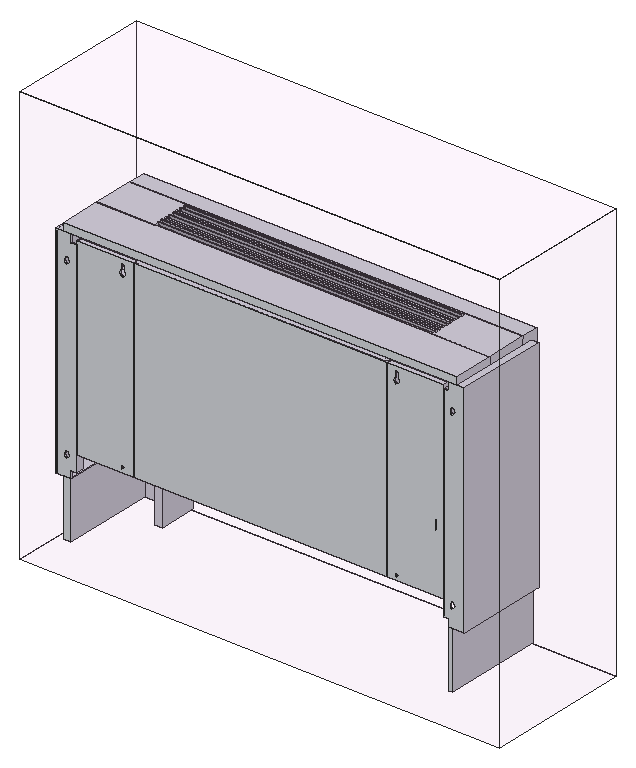
Revit family "02 - CASED EVOVERT - BTM IN - TOP DIS - No Valves", category Mechanical Equipment, host Wall, Revit 2018 (continued)
Connectors
  piping at (365, 261.486, 605.241), diameter 15, driven by "Ch.W Coil Connection Size"
    settings: on cut or joined group of Extrusion 18, Extrusion 20, Extrusion 23, Extrusion 25, Extrusion 29, Extrusion 31, index 6, connector inside diameter 609.6 mm, connector length 0.00 mm, flow factor 0, pipe flow 0.0 L/s, pressure drop 0.0 Pa, fitting loss kfactor 0, connector angle 0.00°, fixture units 0, engagement length 0.00 mm, angle of deflection 0.00°, flow configuration 0, flow direction 2, fitting loss method 4, system type 8, joint type 0, gender type 0, connector reference index -1, connector utility 0, adjustable connector no, is connector primary no, connector description "CLG Return"
  piping at (365, 252.488, 566.266), diameter 15, driven by "Ch.W Coil Connection Size"
    settings: on cut or joined group of Extrusion 18, Extrusion 20, Extrusion 23, Extrusion 25, Extrusion 29, Extrusion 31, index 7, connector inside diameter 609.6 mm, connector length 0.00 mm, flow factor 0, pipe flow 0.0 L/s, pressure drop 0.0 Pa, fitting loss kfactor 0, connector angle 0.00°, fixture units 0, engagement length 0.00 mm, angle of deflection 0.00°, flow configuration 0, flow direction 1, fitting loss method 4, system type 7, joint type 0, gender type 0, connector reference index -1, connector utility 0, adjustable connector no, is connector primary no, connector description "CLG Flow"
  piping at (-365, 252.488, 566.266), diameter 15, driven by "Ch.W Coil Connection Size"
    settings: on cut or joined group of Extrusion 21, Extrusion 22, Extrusion 24, Extrusion 26, Extrusion 32, index 8, connector inside diameter 609.6 mm, connector length 0.00 mm, flow factor 0, pipe flow 0.0 L/s, pressure drop 0.0 Pa, fitting loss kfactor 0, connector angle 0.00°, fixture units 0, engagement length 0.00 mm, angle of deflection 0.00°, flow configuration 0, flow direction 1, fitting loss method 4, system type 7, joint type 0, gender type 0, connector reference index -1, connector utility 0, adjustable connector no, is connector primary no, connector description "CLG Flow"
  piping at (-365, 261.486, 605.241), diameter 15, driven by "Ch.W Coil Connection Size"
    settings: on cut or joined group of Extrusion 21, Extrusion 22, Extrusion 24, Extrusion 26, Extrusion 32, index 9, connector inside diameter 609.6 mm, connector length 0.00 mm, flow factor 0, pipe flow 0.0 L/s, pressure drop 0.0 Pa, fitting loss kfactor 0, connector angle 0.00°, fixture units 0, engagement length 0.00 mm, angle of deflection 0.00°, flow configuration 0, flow direction 2, fitting loss method 4, system type 8, joint type 0, gender type 0, connector reference index -1, connector utility 0, adjustable connector no, is connector primary no, connector description "CLG Return"
  piping at (-365, 201.365, 589.327), diameter 15, driven by "LTHW Coil Connection Size"
    settings: on cut or joined group of Extrusion 21, Extrusion 22, Extrusion 24, Extrusion 26, Extrusion 32, index 10, connector inside diameter 609.6 mm, connector length 0.00 mm, flow factor 0, pipe flow 0.0 L/s, pressure drop 0.0 Pa, fitting loss kfactor 0, connector angle 0.00°, fixture units 0, engagement length 0.00 mm, angle of deflection 0.00°, flow configuration 0, flow direction 1, fitting loss method 4, system type 7, joint type 0, gender type 0, connector reference index -1, connector utility 0, adjustable connector no, is connector primary no, connector description "HTG Flow"
  piping at (-365, 210.363, 628.302), diameter 15, driven by "LTHW Coil Connection Size"
    settings: on cut or joined group of Extrusion 21, Extrusion 22, Extrusion 24, Extrusion 26, Extrusion 32, index 11, connector inside diameter 609.6 mm, connector length 0.00 mm, flow factor 0, pipe flow 0.0 L/s, pressure drop 0.0 Pa, fitting loss kfactor 0, connector angle 0.00°, fixture units 0, engagement length 0.00 mm, angle of deflection 0.00°, flow configuration 0, flow direction 2, fitting loss method 4, system type 8, joint type 0, gender type 0, connector reference index -1, connector utility 0, adjustable connector no, is connector primary no, connector description "HTG Return"
  electrical at (428.8, 155, 730)
    settings: on cut or joined group of Extrusion 51, Extrusion 52, Extrusion 53, Extrusion 56, index 12, voltage 230 V, apparent load 0 VA, apparent load phase1 0 VA, apparent load phase2 0 VA, apparent load phase3 0 VA, power factor 1, load classification "HVAC", number of poles 1, system type 31, power factor state 1, is connector primary yes, connector utility no, sub classification motor no, connector description "FCU Electrical Supply"
  electrical at (-428.8, 155, 730)
    settings: on cut or joined group of Extrusion 57, Extrusion 58, Extrusion 59, Extrusion 62, index 13, voltage 230 V, apparent load 0 VA, apparent load phase1 0 VA, apparent load phase2 0 VA, apparent load phase3 0 VA, power factor 1, load classification "HVAC", number of poles 1, system type 31, power factor state 1, is connector primary no, connector utility no, sub classification motor no, connector description "FCU Electrical Supply"
  hvac at (0, 240, 835), driven by "Outlet Connection Dia/Height", driven by "Outlet Connection Width"
    settings: on Extrusion 63, index 14, duct flow 0.0 L/s, flow factor 0, pres drop 0.0 Pa, loss coef 0, conn angle 0.00°, conn width 670 mm, conn height 100 mm, conn diameter 609.6 mm, duct sys type 1, conn prof type 1, flow config 0, flow direction 2, loss method 0, conn ref index -1, conn util no, is conn primary no, conn desc ""
Definition of nested family "02 - EVOVERT CASE - LOW LEVEL - BTM IN - TOP DIS"
  Parameters (values of type "EVOVERT CASE - Size 100")
    Top Pipework RH (CASE) = if([Top Pipework Entry (CASE)], if([RH Components Visible (CASE)], 1 = 1, 1 = 0), 1 = 0)  # no
    Top Pipework LH (CASE) = if([Top Pipework Entry (CASE)], if([LH Components Visible (CASE)], 1 = 1, 1 = 0), 1 = 0)  # no
    Top Pipework Entry (CASE) = no
    Side Pipework RH (CASE) = if([Side Pipework Entry (CASE)], if([RH Components Visible (CASE)], 1 = 1, 1 = 0), 1 = 0)  # no
    Side Pipework LH (CASE) = if([Side Pipework Entry (CASE)], if([LH Components Visible (CASE)], 1 = 1, 1 = 0), 1 = 0)  # no
    Side Pipework Entry (CASE) = no
    RH Components Visible (CASE) = no
    Product Model Number (Code) [instance] = ""
    Plinth Visible (CASE) = yes
    Plinth Length = 150.00 mm  # constant formula
    Pipework Entry DIM (Top RH) = if([Top Pipework RH (CASE)], [FCU Depth (CASE)] - 90.00 mm, [FCU Depth (CASE)] + 50.00 mm)  # 285.00 mm
    Pipework Entry DIM (Top LH) = if([Top Pipework LH (CASE)], [FCU Depth (CASE)] - 90.00 mm, [FCU Depth (CASE)] + 50.00 mm)  # 285.00 mm
    Pipework Entry DIM (Side RH) = if([Side Pipework RH (CASE)], [FCU Depth (CASE)] - 90.00 mm, [FCU Depth (CASE)] + 50.00 mm)  # 285.00 mm
    Pipework Entry DIM (Side LH) = if([Side Pipework LH (CASE)], [FCU Depth (CASE)] - 90.00 mm, [FCU Depth (CASE)] + 50.00 mm)  # 285.00 mm
    Pipework Entry DIM (Bottom RH) = if([Bottom Pipework RH (CASE)], [FCU Depth (CASE)] - 90.00 mm, [FCU Depth (CASE)] + 50.00 mm)  # 285.00 mm
    Pipework Entry DIM (Bottom LH) = if([Bottom Pipework LH (CASE)], [FCU Depth (CASE)] - 90.00 mm, [FCU Depth (CASE)] + 50.00 mm)  # 285.00 mm
    Model = ""
    Mat Thickness Pos = 1.20 mm
    Mat Thickness Neg = Mat Thickness Pos * (-1)  # -1.20 mm
    Manufacturer = ""
    LH Components Visible (CASE) = yes
    Internet Address = ""
    Grille Length = Discharge Aperture Length / 2  # 367.50 mm
    FCU Width (CASE) = 970.00 mm
    FCU Length (CASE) = 510.00 mm
    FCU Depth (CASE) = 235.00 mm
    Discharge Aperture Length = Chassis Discharge Aperture Length + 65.00 mm  # 735.00 mm
    Description = ""
    Chassis Discharge Aperture Length = 670.00 mm
    CASE Offset = 0.00 mm
    Bottom Pipework RH (CASE) = if([Bottom Pipework Entry (CASE)], if([RH Components Visible (CASE)], 1 = 1, 1 = 0), 1 = 0)  # no
    Bottom Pipework Entry (CASE) = no
    Bottom Pipework LH (CASE) = if([Bottom Pipework Entry (CASE)], if([LH Components Visible (CASE)], 1 = 1, 1 = 0), 1 = 0)  # no
    Assembly Code = ""
    Access Clearance Visible - CASE [instance] = no
  Types (5, lengths in mm): name | RH Components Visible (CASE) | Pipework Entry DIM (Bottom RH) | Pipework Entry DIM (Bottom LH) | Grille Length | FCU Width (CASE) | FCU Length (CASE) | Discharge Aperture Length | Chassis Discharge Aperture Length | Bottom Pipework RH (CASE) | Bottom Pipework Entry (CASE) | Bottom Pipework LH (CASE)
    EVOVERT CASE - Size 100 | no | 285.00 | 285.00 | 367.50 | 970.00 | 510.00 | 735.00 | 670.00 | no | no | no
    EVOVERT CASE - Size 200 | yes | 145.00 | 145.00 | 517.50 | 1270.00 | 500.00 | 1035.00 | 970.00 | yes | yes | yes
    EVOVERT CASE - Size 300 | yes | 145.00 | 145.00 | 667.50 | 1570.00 | 500.00 | 1335.00 | 1270.00 | yes | yes | yes
    EVOVERT CASE - Size 400 | yes | 145.00 | 145.00 | 817.50 | 1870.00 | 500.00 | 1635.00 | 1570.00 | yes | yes | yes
    EVOVERT CASE - Size 500 | yes | 145.00 | 145.00 | 967.50 | 2170.00 | 500.00 | 1935.00 | 1870.00 | yes | yes | yes
  Reference planes
    plane 1 "Wall": y = 0
    plane 2 "Center (Left/Right)": x = 0
    plane 3 "Back": y = 75
    plane 4 "Chassis Left": x = 485
    plane 5 "Chassis Right": x = -485
    plane 6 "FCU Bottom": z = 300
    plane 7 "FCU Top": z = 810
    plane 8 "FCU Front": y = 310
    plane 9: z = 555
    plane 10 "Case Front": y = 320
    plane 11 "Case Right": x = -540
    plane 12 "Case Left": x = 540
    plane 13 "Case Bottom": z = 240
    plane 14 "Case Top-Side": z = 820
    plane 15: y = 75
    plane 16 "Case Top": z = 840
  Forms (mm)
    Extrusion 1, solid
      sketch origin (-540, 0, 0) x (0, 1, 0) y (0, 0, 1)
        loop
          line (320, 820) -> (75, 820) -> (75, 240) -> (320, 240) -> (320, 820)
      from 0 to 1.2 <- "Mat Thickness Pos"
    Extrusion 2, solid
      sketch origin (-540, 75, 820) x (0, 0, -1) y (1, 0, 0)
        loop
          line (0, 0) -> (580, 0) -> (580, 40) -> (560, 40) -> (560, 55) -> (20, 55) -> (20, 40) -> (0, 40) -> (0, 0)
      from 0 to -1.2 <- "Mat Thickness Neg"
    Extrusion 3, solid
      sketch origin (-540, 320, 240) x (0, 0, 1) y (1, 0, 0)
        loop
          line (0, 0) -> (580, 0) -> (580, 40) -> (0, 40) -> (0, 0)
      from 0 to -1.2 <- "Mat Thickness Neg"
    Extrusion 4, solid
      sketch origin (-540, 320, 820) x (0, -1, 0) y (1, 0, 0)
        loop
          line (0, 0) -> (245, 0) -> (245, 40) -> (0, 40) -> (0, 0)
      from 0 to -1.2 <- "Mat Thickness Neg"
    Extrusion 5, solid
      sketch origin (-540, 75, 240) x (1, 0, 0) y (0, -1, 0)
        loop
          line (0, 0) -> (0, -245) -> (40, -245) -> (40, 0) -> (0, 0)
      from 0 to -1.2 <- "Mat Thickness Neg"
    Extrusion 6, solid
      sketch origin (-485, 75, 800) x (0, 0, -1) y (0, 1, 0)
        loop
          line (0, 0) -> (540, 0) -> (540, 20) -> (0, 20) -> (0, 0)
      from 0 to -1.2 <- "Mat Thickness Neg"
    Extrusion 7, void
      sketch origin (-540, 75, 820) x (-1, 0, 0) y (0, 0, 1)
        loop
          line (-33.75, -60) -> (-33.75, -61.388)
          arc (-33.75, -61.388) -> (-30, -73.75) -> (-26.25, -61.388) r 6.75
          line (-26.25, -61.388) -> (-26.25, -60)
          arc (-26.25, -60) -> (-30, -56.25) -> (-33.75, -60) r 3.75
        loop
          line (-33.75, -520) -> (-33.75, -521.388)
          arc (-33.75, -521.388) -> (-30, -533.75) -> (-26.25, -521.388) r 6.75
          line (-26.25, -521.388) -> (-26.25, -520)
          arc (-26.25, -520) -> (-30, -516.25) -> (-33.75, -520) r 3.75
      from 0 to 1.2
    Extrusion 8, void
      sketch origin (-485, 75, 800) x (0, 0, 1) y (0, 1, 0)
        loop
          circle (-20, 10) r 5
        loop
          circle (-480, 10) r 5
      from 0 to 1.2
    Extrusion 9, solid
      sketch origin (540, 0, 0) x (0, 0, 1) y (0, 1, 0)
        loop
          line (820, 75) -> (820, 320) -> (240, 320) -> (240, 75) -> (820, 75)
      from 0 to 1.2 <- "Mat Thickness Pos"
    Extrusion 10, solid
      sketch origin (540, 75, 240) x (0, 0, 1) y (-1, 0, 0)
        loop
          line (0, 0) -> (580, 0) -> (580, 40) -> (560, 40) -> (560, 55) -> (20, 55) -> (20, 40) -> (0, 40) -> (0, 0)
      from 0 to -1.2 <- "Mat Thickness Neg"
    Extrusion 11, solid
      sketch origin (540, 320, 820) x (0, 0, -1) y (-1, 0, 0)
        loop
          line (0, 0) -> (580, 0) -> (580, 40) -> (0, 40) -> (0, 0)
      from 0 to -1.2 <- "Mat Thickness Neg"
    Extrusion 12, solid
      sketch origin (540, 75, 820) x (0, 1, 0) y (-1, 0, 0)
        loop
          line (0, 0) -> (245, 0) -> (245, 40) -> (0, 40) -> (0, 0)
      from 0 to -1.2 <- "Mat Thickness Neg"
    Extrusion 13, solid
      sketch origin (540, 320, 240) x (-1, 0, 0) y (0, 1, 0)
        loop
          line (40, 0) -> (0, 0) -> (0, -245) -> (40, -245) -> (40, 0)
      from 0 to -1.2 <- "Mat Thickness Neg"
    Extrusion 14, solid
      sketch origin (485, 75, 260) x (0, 0, 1) y (0, 1, 0)
        loop
          line (540, 0) -> (540, 20) -> (0, 20) -> (0, 0) -> (540, 0)
      from 0 to -1.2 <- "Mat Thickness Neg"
    Extrusion 15, void
      sketch origin (540, 75, 240) x (1, 0, 0) y (0, 0, -1)
        loop
          arc (-33.75, -520) -> (-30, -523.75) -> (-26.25, -520) r 3.75
          line (-26.25, -520) -> (-26.25, -518.612)
          arc (-26.25, -518.612) -> (-30, -506.25) -> (-33.75, -518.612) r 6.75
          line (-33.75, -518.612) -> (-33.75, -520)
        loop
          arc (-33.75, -60) -> (-30, -63.75) -> (-26.25, -60) r 3.75
          line (-26.25, -60) -> (-26.25, -58.612)
          arc (-26.25, -58.612) -> (-30, -46.25) -> (-33.75, -58.612) r 6.75
          line (-33.75, -58.612) -> (-33.75, -60)
      from 0 to 1.2
    Extrusion 16, void
      sketch origin (485, 75, 260) x (0, 0, -1) y (0, 1, 0)
        loop
          circle (-520, 10) r 5
        loop
          circle (-60, 10) r 5
      from 0 to 1.2
    Extrusion 17, solid
      sketch origin (540, 75, 820) x (0, 1, 0) y (-1, 0, 0)
        loop
          line (110, 1060) -> (0, 1060) -> (0, 20) -> (110, 20) -> (110, 1060)
      from 0 to 20
    Extrusion 18, solid
      sketch origin (-540, 320, 820) x (0, -1, 0) y (1, 0, 0)
        loop
          line (-20, 20) -> (25, 20) -> (25, 1060) -> (-20, 1060) -> (-20, 20)
      from 0 to 20
    Extrusion 19, solid
      sketch origin (-500, 320, 820) x (-1, 0, 0) y (0, 0, 1)
        loop
          line (-1020, 0) -> (-1020, -25) -> (20, -25) -> (20, 0) -> (-1020, 0)
      from 0 to 20
    Extrusion 20, solid
      sketch origin (-540, 320, 820) x (0, -1, 0) y (1, 0, 0)
        loop
          line (25, 20) -> (135, 20) -> (135, 172.5) -> (25, 172.5) -> (25, 20)
      from 0 to 20
    Extrusion 21, solid
      sketch origin (540, 75, 820) x (0, 1, 0) y (-1, 0, 0)
        loop
          line (220, 172.5) -> (110, 172.5) -> (110, 20) -> (220, 20) -> (220, 172.5)
      from 0 to 20
    Extrusion 22, solid
      sketch origin (-500, 320, 820) x (-1, 0, 0) y (0, 0, 1)
        loop
          line (-1020, -25) -> (-1020, -35) -> (20, -35) -> (20, -25) -> (-1020, -25)
      from 0 to 1.2 <- "Mat Thickness Pos"
    Extrusion 23, solid
      sketch origin (-500, 320, 810) x (-1, 0, 0) y (0, 0, 1)
        loop
          line (-1020, -525) -> (-1020, -570) -> (20, -570) -> (20, -525) -> (-1020, -525)
      from 0 to 20
    Extrusion 24, solid, visible <- "Plinth Visible (CASE)"
      sketch origin (-500, 320, 240) x (0, 1, 0) y (1, 0, 0)
        loop
          line (20, -20) -> (20, 110) -> (-80, 110) -> (-80, 90) -> (0, 90) -> (0, 0) -> (-245, 0) -> (-245, -20) -> (20, -20)
      from 0 to 150 <- "Plinth Length"
    Extrusion 25, solid, visible <- "Plinth Visible (CASE)"
      sketch origin (540, 320, 240) x (0, -1, 0) y (-1, 0, 0)
        loop
          line (-20, 150) -> (-20, 30) -> (245, 30) -> (245, 40) -> (0, 40) -> (0, 130) -> (80, 130) -> (80, 150) -> (-20, 150)
      from 0 to 150 <- "Plinth Length"
    Extrusion 26, void
      sketch origin (540, 75, 840) x (-1, 0, 0) y (0, 1, 0)
        loop
          line (1040, -50) -> (910, -50) -> (910, -140) -> (1040, -140) -> (1040, -50)
      from 0 to 20
    Extrusion 27, void
      sketch origin (540, 75, 840) x (-1, 0, 0) y (0, 1, 0)
        loop
          line (170, -50) -> (40, -50) -> (40, -140) -> (170, -140) -> (170, -50)
      from 0 to 20
    Extrusion 28, void
      sketch origin (-540, 320, 820) x (0, 1, 0) y (0, 0, 1)
        loop
          line (-285, -170) -> (-385, -170) -> (-385, -265) -> (-285, -265) -> (-285, -170)
        loop
          line (-285, -395) -> (-385, -395) -> (-385, -420) -> (-285, -420) -> (-285, -395)
      from 0 to 55
    Extrusion 29, void
      sketch origin (540, 320, 240) x (0, 1, 0) y (0, 0, -1)
        loop
          line (-385, -410) -> (-285, -410) -> (-285, -315) -> (-385, -315) -> (-385, -410)
        loop
          line (-385, -185) -> (-285, -185) -> (-285, -160) -> (-385, -160) -> (-385, -185)
      from 0 to 55
    Extrusion 30, solid
      sketch origin (-500, 320, 820) x (-1, 0, 0) y (0, 0, 1)
        loop
          line (-1020, -525) -> (-1020, -535) -> (20, -535) -> (20, -525) -> (-1020, -525)
      from 0 to 1.2 <- "Mat Thickness Pos"
    Extrusion 31, solid
      sketch origin (-500, 320, 820) x (-1, 0, 0) y (0, 0, 1)
        loop
          line (-1020, -35) -> (-1020, -525) -> (20, -525) -> (20, -35) -> (-1020, -35)
      from 0 to 20
  Cuts and joins
    Extrusion 7, Extrusion 8, Extrusion 26, Extrusion 28 cuts Extrusion 1
    Extrusion 7, Extrusion 8, Extrusion 26, Extrusion 28 cuts Extrusion 2
    Extrusion 7, Extrusion 8, Extrusion 26, Extrusion 28 cuts Extrusion 3
    Extrusion 7, Extrusion 8, Extrusion 26, Extrusion 28 cuts Extrusion 4
    Extrusion 7, Extrusion 8, Extrusion 26, Extrusion 28 cuts Extrusion 5
    Extrusion 7, Extrusion 8, Extrusion 26, Extrusion 28 cuts Extrusion 6
    joined: Extrusion 1, Extrusion 2, Extrusion 3, Extrusion 4, Extrusion 5, Extrusion 6
    Extrusion 15, Extrusion 16, Extrusion 27, Extrusion 29 cuts Extrusion 9
    Extrusion 15, Extrusion 16, Extrusion 27, Extrusion 29 cuts Extrusion 10
    Extrusion 15, Extrusion 16, Extrusion 27, Extrusion 29 cuts Extrusion 11
    Extrusion 15, Extrusion 16, Extrusion 27, Extrusion 29 cuts Extrusion 12
    Extrusion 15, Extrusion 16, Extrusion 27, Extrusion 29 cuts Extrusion 13
    Extrusion 15, Extrusion 16, Extrusion 27, Extrusion 29 cuts Extrusion 14
    joined: Extrusion 9, Extrusion 10, Extrusion 11, Extrusion 12, Extrusion 13, Extrusion 14
    joined: Extrusion 18, Extrusion 19, Extrusion 22
    Extrusion 26, Extrusion 27 cuts Extrusion 17
    joined: Extrusion 23, Extrusion 30
  Text (mm)
    text "Placement side" at (-1820.995, -659.926, 0), in view "Ref. Level"
    text "Placement side" at (0, 1334.055, 2976.191), in view "Left"
    text "Placement side" at (0, 439.194, 2944.362), in view "Right"
  Dimensions and locks
    locked: plane 3 "Back" to host wall
    locked: level to plane 6 "FCU Bottom" at 300
    "FCU Length (CASE)": plane 6 "FCU Bottom" to plane 7 "FCU Top"
    equal spacing: plane 6 "FCU Bottom", plane 9, plane 7 "FCU Top"
    locked: plane 10 "Case Front" to plane 8 "FCU Front" at 10
    locked: plane 5 "Chassis Right" to plane 11 "Case Right" at 55
    locked: plane 4 "Chassis Left" to plane 12 "Case Left" at 55
    locked: plane 14 "Case Top-Side" to plane 7 "FCU Top" at 10
    locked: plane 6 "FCU Bottom" to plane 13 "Case Bottom" at 60
    locked: cut or joined group 1 (Extrusion 1, Extrusion 2, Extrusion 3, Extrusion 4, Extrusion 5, Extrusion 6, Extrusion 7, Extrusion 8, Extrusion 26, Extrusion 28) to Extrusion 6 sketch curve at 20
    locked: Extrusion 7 sketch curve to plane 11 "Case Right" at 30  (x3)
    locked: Extrusion 7 sketch curve to Extrusion 7 sketch curve at 7  (x2)
    locked: cut or joined group 1 to Extrusion 7 sketch curve at 30
    locked: Extrusion 15 sketch curve to plane 12 "Case Left" at 30  (x3)
    locked: cut or joined group 2 (Extrusion 9, Extrusion 10, Extrusion 11, Extrusion 12, Extrusion 13, Extrusion 14, Extrusion 15, Extrusion 16, Extrusion 27, Extrusion 29) to Extrusion 15 sketch curve at 30
    locked: Extrusion 15 sketch curve to Extrusion 15 sketch curve at 7  (x2)
    equal spacing: plane 4 "Chassis Left", plane 2 "Center (Left/Right)", plane 5 "Chassis Right"
    "FCU Width (CASE)": plane 4 "Chassis Left" to plane 5 "Chassis Right"
    locked: plane 10 "Case Front" to Extrusion 17 sketch curve at 135
    locked: plane 11 "Case Right" to Extrusion 17 sketch curve at 20
    locked: Extrusion 17 sketch curve to plane 12 "Case Left" at 20
    locked: plane 10 "Case Front" to Extrusion 18 sketch curve at 25
    locked: Extrusion 18 sketch curve to plane 10 "Case Front" at 20
    locked: Extrusion 19 sketch curve to Extrusion 18 at 45
    locked: Extrusion 7 sketch curve to plane 7 "FCU Top" at 50
    locked: Extrusion 15 sketch curve to plane 7 "FCU Top" at 50
    "Grille Length": Extrusion 20 sketch curve to plane 2 "Center (Left/Right)"
    "Grille Length": plane 2 "Center (Left/Right)" to Extrusion 21 sketch curve
    locked: Extrusion 22 sketch curve to cut or joined group of Extrusion 18, Extrusion 19, Extrusion 22 at 10
    locked: cut or joined group of Extrusion 18, Extrusion 19, Extrusion 22 to Extrusion 24 sketch curve at 130
    locked: Extrusion 24 sketch curve to Extrusion 24 sketch curve at 20
    locked: cut or joined group of Extrusion 18, Extrusion 19, Extrusion 22 to Extrusion 24 sketch curve at 100
    locked: Extrusion 25 sketch curve to cut or joined group of Extrusion 18, Extrusion 19, Extrusion 22 at 130
    locked: Extrusion 25 sketch curve to Extrusion 25 sketch curve at 20
    locked: Extrusion 26 sketch curve to Extrusion 26 sketch curve at 90
    locked: Extrusion 26 sketch curve to Extrusion 26 sketch curve at 130
    locked: Extrusion 27 sketch curve to Extrusion 27 sketch curve at 130
    locked: Extrusion 27 sketch curve to cut or joined group of Extrusion 17, Extrusion 26, Extrusion 27 at 20
    locked: Extrusion 27 sketch curve to Extrusion 27 sketch curve at 90
    "Pipework Entry DIM (Top LH)": Extrusion 27 sketch curve to plane 8 "FCU Front"
    locked: Extrusion 28 sketch curve to Extrusion 28 sketch curve at 25
    locked: Extrusion 28 sketch curve to Extrusion 28 sketch curve at 95
    locked: Extrusion 28 sketch curve to plane 6 "FCU Bottom" at 100
    locked: Extrusion 28 sketch curve to plane 7 "FCU Top" at 160
    locked: Extrusion 28 sketch curve to Extrusion 28 sketch curve at 100
    "Pipework Entry DIM (Side RH)": plane 10 "Case Front" to Extrusion 28 sketch curve
    locked: Extrusion 29 sketch curve to Extrusion 29 sketch curve at 100
    "Pipework Entry DIM (Side LH)": Extrusion 29 sketch curve to plane 10 "Case Front"
    "CASE Offset": plane 3 "Back" to plane 15
    "FCU Depth (CASE)": plane 8 "FCU Front" to plane 15
    locked: Extrusion 8 sketch curve to plane 6 "FCU Bottom" at 20
    locked: Extrusion 8 sketch curve to plane 15 at 10  (x2)
    locked: plane 7 "FCU Top" to Extrusion 8 sketch curve at 30
    locked: plane 13 "Case Bottom" to Extrusion 23 sketch curve at 45
    locked: Extrusion 23 to Extrusion 30 sketch curve at 10
    locked: plane 14 "Case Top-Side" to plane 16 "Case Top" at 20
    locked: plane 11 "Case Right" to Extrusion 26 sketch curve at 40
    "Pipework Entry DIM (Top RH)": plane 8 "FCU Front" to Extrusion 26 sketch curve
    aligned and locked: plane 1 "Wall" to host wall
    aligned and locked: plane 14 "Case Top-Side" to Extrusion 1 sketch curve
    aligned and locked: Extrusion 1 sketch curve to plane 13 "Case Bottom"
    aligned and locked: plane 10 "Case Front" to Extrusion 1 sketch curve
    aligned and locked: Extrusion 2 sketch curve to Extrusion 1  (x2)
    aligned and locked: Extrusion 3 sketch curve to Extrusion 1
    aligned and locked: Extrusion 3 sketch curve to Extrusion 2  (x3)
    aligned and locked: Extrusion 4 sketch curve to Extrusion 1
    aligned and locked: Extrusion 4 sketch curve to Extrusion 3
    aligned and locked: Extrusion 4 sketch curve to Extrusion 2  (x2)
    aligned and locked: Extrusion 5 sketch curve to Extrusion 1
    aligned and locked: Extrusion 5 sketch curve to Extrusion 3
    aligned and locked: Extrusion 2 to Extrusion 5 sketch curve
    aligned and locked: Extrusion 5 sketch curve to Extrusion 4
    aligned and locked: cut or joined group 1 to Extrusion 6 sketch curve
    aligned and locked: Extrusion 6 sketch curve to cut or joined group 1  (x2)
    aligned and locked: Extrusion 2 to Extrusion 7
    aligned and locked: Extrusion 6 to Extrusion 8
    aligned and locked: Extrusion 9 sketch curve to cut or joined group 1  (x4)
    aligned and locked: Extrusion 9 to plane 12 "Case Left"
    aligned and locked: Extrusion 10 sketch curve to Extrusion 9  (x3)
    aligned and locked: Extrusion 10 sketch curve to cut or joined group 1  (x2)
    aligned and locked: Extrusion 10 sketch curve to Extrusion 10 sketch curve
    aligned and locked: Extrusion 11 sketch curve to Extrusion 9  (x3)
    aligned and locked: Extrusion 11 sketch curve to Extrusion 10
    aligned and locked: Extrusion 12 sketch curve to Extrusion 9
    aligned and locked: Extrusion 12 sketch curve to Extrusion 11  (x2)
    aligned and locked: Extrusion 10 to Extrusion 12 sketch curve
    aligned and locked: Extrusion 13 sketch curve to Extrusion 11
    aligned and locked: Extrusion 13 sketch curve to Extrusion 9
    aligned and locked: Extrusion 13 sketch curve to Extrusion 10
    aligned and locked: Extrusion 13 sketch curve to Extrusion 12
    aligned and locked: Extrusion 14 sketch curve to cut or joined group 1  (x3)
    aligned and locked: cut or joined group 2 to Extrusion 14 sketch curve
    aligned and locked: Extrusion 10 to Extrusion 15
    aligned and locked: Extrusion 16 sketch curve to cut or joined group 1  (x4)
    aligned and locked: Extrusion 17 to Extrusion 18 sketch curve
    aligned and locked: Extrusion 18 sketch curve to Extrusion 17
    aligned and locked: Extrusion 19 sketch curve to plane 14 "Case Top-Side"
    aligned and locked: Extrusion 19 sketch curve to Extrusion 18  (x2)
    aligned and locked: Extrusion 19 to Extrusion 18
    aligned and locked: plane 6 "FCU Bottom" to Extrusion 7 sketch curve
    aligned and locked: plane 6 "FCU Bottom" to Extrusion 15 sketch curve
    aligned and locked: Extrusion 20 sketch curve to cut or joined group of Extrusion 18, Extrusion 19, Extrusion 22  (x2)
    aligned and locked: Extrusion 17 to Extrusion 20 sketch curve
    aligned and locked: Extrusion 20 to Extrusion 17
    aligned and locked: cut or joined group of Extrusion 18, Extrusion 19, Extrusion 22 to Extrusion 21 sketch curve  (x2)
    aligned and locked: Extrusion 21 sketch curve to Extrusion 17
    aligned and locked: Extrusion 17 to Extrusion 21
    aligned and locked: cut or joined group of Extrusion 18, Extrusion 19, Extrusion 22 to Extrusion 22 sketch curve
    aligned and locked: Extrusion 22 sketch curve to cut or joined group of Extrusion 18, Extrusion 19, Extrusion 22  (x2)
    aligned and locked: Extrusion 24 sketch curve to cut or joined group of Extrusion 18, Extrusion 19, Extrusion 22  (x2)
    aligned and locked: cut or joined group 1 to Extrusion 24 sketch curve  (x2)
    aligned and locked: Extrusion 23 to Extrusion 24 sketch curve
    aligned and locked: cut or joined group 2 to Extrusion 25 sketch curve
    aligned and locked: Extrusion 25 sketch curve to cut or joined group 2
    aligned and locked: Extrusion 23 to Extrusion 25 sketch curve
    aligned and locked: Extrusion 25 sketch curve to Extrusion 24
    aligned and locked: Extrusion 26 to plane 14 "Case Top-Side"
    aligned and locked: Extrusion 27 to plane 14 "Case Top-Side"
    aligned and locked: Extrusion 28 sketch curve to Extrusion 28 sketch curve  (x2)
    aligned and locked: plane 5 "Chassis Right" to Extrusion 28
    aligned and locked: Extrusion 29 sketch curve to Extrusion 29 sketch curve  (x2)
    aligned and locked: Extrusion 29 sketch curve to Extrusion 28  (x4)
    aligned and locked: Extrusion 29 to plane 4 "Chassis Left"
    aligned and locked: Extrusion 1 sketch curve to plane 15
    aligned and locked: plane 15 to Extrusion 17 sketch curve
    aligned and locked: plane 13 "Case Bottom" to Extrusion 23 sketch curve
    aligned and locked: cut or joined group of Extrusion 18, Extrusion 19, Extrusion 22 to Extrusion 23 sketch curve
    aligned and locked: Extrusion 23 sketch curve to cut or joined group of Extrusion 18, Extrusion 19, Extrusion 22
    aligned and locked: Extrusion 23 to cut or joined group of Extrusion 18, Extrusion 19, Extrusion 22
    aligned and locked: Extrusion 23 to Extrusion 30 sketch curve
    aligned and locked: Extrusion 30 sketch curve to Extrusion 23  (x2)
    aligned and locked: Extrusion 23 to plane 10 "Case Front"
    aligned and locked: Extrusion 31 sketch curve to cut or joined group of Extrusion 18, Extrusion 19, Extrusion 22  (x2)
    aligned and locked: Extrusion 31 sketch curve to cut or joined group of Extrusion 23, Extrusion 30  (x2)
    aligned and locked: Extrusion 31 to plane 10 "Case Front"
    aligned and locked: Extrusion 31 to cut or joined group of Extrusion 18, Extrusion 19, Extrusion 22
    aligned and locked: cut or joined group of Extrusion 17, Extrusion 26, Extrusion 27 to nested 1
    aligned and locked: nested 1 to plane 14 "Case Top-Side"
  Automatic sketch dimensions
    Extrusion 2 sketch curve to Extrusion 1 = 0.00 mm
    Extrusion 2 sketch curve to Extrusion 1 = 20.00 mm  (x2)
    Extrusion 2 sketch curve to Extrusion 1 = 38.80 mm  (x2)
    Extrusion 2 sketch curve to Extrusion 2 sketch curve = 15.00 mm
    Extrusion 7 sketch curve to Extrusion 7 sketch curve = 3.75 mm  (x2)
    Extrusion 7 sketch curve to Extrusion 7 sketch curve = 1.388 mm  (x2)
    Extrusion 10 sketch curve to Extrusion 9 = 38.80 mm
    Extrusion 10 sketch curve to Extrusion 10 sketch curve = 15.00 mm
    Extrusion 15 sketch curve to Extrusion 15 sketch curve = 3.75 mm  (x2)
    Extrusion 15 sketch curve to Extrusion 15 sketch curve = 1.388 mm  (x2)
    Extrusion 25 sketch curve to Extrusion 13 = 20.00 mm
    Extrusion 13 to Extrusion 25 sketch curve = 10.00 mm
    radius of Extrusion 8 sketch curve = 5.00 mm  (x2)
  Nested families
    nested 1: "CASE Grille" at (367.5, 295, 820) x (0, -1, 0) z (-1, 0, 0), type "CASE Grille"
      with Grille Length 735.00 mm
  Definition of nested family "CASE Grille"
    Parameters (values of type "CASE Grille")
      Grille Length = 670.00 mm
      Default Elevation = 1219.20 mm
    Reference planes
      plane 1 "Center (Front/Back)": y = 0
      plane 2: z = 0
      plane 3 "Center (Left/Right)": x = 0
      plane 4: x = 110
      plane 5: y = 22.5
      plane 6 "Grille End": z = 670
    Forms (mm)
      Extrusion 1, solid
        sketch origin (0, 0, 0) x (1, 0, 0) y (0, 1, 0)
          loop
            line (-1219.2, 1219.2) -> (-1219.2, -1219.2) -> (1219.2, -1219.2) -> (1219.2, 1219.2) -> (-1219.2, 1219.2)
        from 0 to -304.8
      Extrusion 2, solid
        sketch origin (0, 0, 0) x (1, 0, 0) y (0, 1, 0)
          loop
            line (6.9, 0) -> (7.9, 0) -> (7.9, 12.5) -> (13.4, 22.5) -> (9.9, 22.5) -> (6.9, 12.5) -> (6.9, 0)
          loop
            line (19.3, 0) -> (20.3, 0) -> (20.3, 12.5) -> (25.8, 22.5) -> (22.3, 22.5) -> (19.3, 12.5) -> (19.3, 0)
          loop
            line (31.7, 0) -> (32.7, 0) -> (32.7, 12.5) -> (38.2, 22.5) -> (34.7, 22.5) -> (31.7, 12.5) -> (31.7, 0)
          loop
            line (44.1, 0) -> (45.1, 0) -> (45.1, 12.5) -> (50.6, 22.5) -> (47.1, 22.5) -> (44.1, 12.5) -> (44.1, 0)
          loop
            line (56.5, 0) -> (57.5, 0) -> (57.5, 12.5) -> (63, 22.5) -> (59.5, 22.5) -> (56.5, 12.5) -> (56.5, 0)
          loop
            line (68.9, 0) -> (69.9, 0) -> (69.9, 12.5) -> (75.4, 22.5) -> (71.9, 22.5) -> (68.9, 12.5) -> (68.9, 0)
          loop
            line (81.3, 0) -> (82.3, 0) -> (82.3, 12.5) -> (87.8, 22.5) -> (84.3, 22.5) -> (81.3, 12.5) -> (81.3, 0)
          loop
            line (93.7, 0) -> (94.7, 0) -> (94.7, 12.5) -> (100.2, 22.5) -> (96.7, 22.5) -> (93.7, 12.5) -> (93.7, 0)
        from 0 to 670
      Extrusion 3, solid
        sketch origin (0, 0, 0) x (0, 1, 0) y (0, 0, 1)
          loop
            circle (8, 35) r 3.5
          loop
            circle (8, 635) r 3.5
          loop
            circle (8, 335) r 3.5
          loop
            circle (8, 635) r 4.5
          loop
            circle (8, 335) r 4.5
          loop
            circle (8, 35) r 4.5
        from 0 to 110
    Cuts and joins
      joined: Extrusion 2, Extrusion 3
    Dimensions and locks
      locked: plane 1 "Center (Front/Back)" to plane 5 at 22.5
      locked: plane 3 "Center (Left/Right)" to plane 4 at 110
      "Grille Length": Extrusion 1 to plane 6 "Grille End"
      locked: plane 3 "Center (Left/Right)" to Extrusion 2 sketch curve at 6.9
      locked: plane 1 "Center (Front/Back)" to Extrusion 2 sketch curve at 12.5  (x2)
      locked: plane 3 "Center (Left/Right)" to Extrusion 2 sketch curve at 9.9
      locked: Extrusion 2 sketch curve to Extrusion 2 sketch curve at 1  (x8)
      locked: Extrusion 2 sketch curve to Extrusion 2 sketch curve at 3.5  (x8)
      locked: Extrusion 3 sketch curve to Extrusion 1 at 35
      locked: Extrusion 3 sketch curve to plane 1 "Center (Front/Back)" at 8  (x3)
      locked: plane 6 "Grille End" to Extrusion 3 sketch curve at 35
      equal spacing: Extrusion 3 sketch curve, Extrusion 3 sketch curve, Extrusion 3 sketch curve
      aligned and locked: plane 2 to Extrusion 1
      aligned and locked: level to Extrusion 1
      aligned and locked: plane 5 to Extrusion 2 sketch curve
      aligned and locked: plane 1 "Center (Front/Back)" to Extrusion 2 sketch curve
      aligned and locked: Extrusion 2 to level
      aligned and locked: plane 6 "Grille End" to Extrusion 2
      aligned and locked: Extrusion 3 to plane 3 "Center (Left/Right)"
      aligned and locked: Extrusion 3 to plane 4
    Automatic sketch dimensions
      Extrusion 1 sketch curve to Extrusion 1 sketch curve = 2438.40 mm  (x2)
      plane 1 "Center (Front/Back)" to Extrusion 2 sketch curve = 0.00 mm  (x7)
      Extrusion 2 sketch curve to plane 5 = 0.00 mm  (x7)
      Extrusion 2 sketch curve to Extrusion 2 sketch curve = 11.40 mm  (x7)
      Extrusion 2 sketch curve to Extrusion 2 sketch curve = 8.90 mm  (x7)
      Extrusion 2 sketch curve to plane 5 = 10.00 mm  (x7)
      Extrusion 2 sketch curve to Extrusion 2 sketch curve = 0.00 mm  (x7)
      Extrusion 3 sketch curve to Extrusion 3 sketch curve = 0.00 mm  (x4)
      Extrusion 3 sketch curve to plane 5 = 14.50 mm
      level to Extrusion 3 sketch curve = 35.00 mm
      radius of Extrusion 3 sketch curve = 3.50 mm  (x3)
      radius of Extrusion 3 sketch curve = 4.50 mm  (x3)
Types (14, lengths in mm): name | RH Components Visible | Overall Width | Outlet Connection Width | LH Components Visible | Intake Width | Handing | FCU Width
  EVOVERT - Size 100 LH | no | 970.00 | 670.00 | yes | 640.00 | "LH" | 670.00
  EVOVERT - Size 100 RH | yes | 970.00 | 670.00 | no | 640.00 | "RH" | 670.00
  EVOVERT - Size 200 LH | no | 1270.00 | 970.00 | yes | 940.00 | "LH" | 970.00
  EVOVERT - Size 200 RH | yes | 1270.00 | 970.00 | no | 940.00 | "RH" | 970.00
  EVOVERT - Size 250 LH | no | 1270.00 | 970.00 | yes | 940.00 | "LH" | 970.00
  EVOVERT - Size 250 RH | yes | 1270.00 | 970.00 | no | 940.00 | "RH" | 970.00
  EVOVERT - Size 300 LH | no | 1570.00 | 1270.00 | yes | 1240.00 | "LH" | 1270.00
  EVOVERT - Size 300 RH | yes | 1570.00 | 1270.00 | no | 1240.00 | "RH" | 1270.00
  EVOVERT - Size 400 LH | no | 1870.00 | 1570.00 | yes | 1540.00 | "LH" | 1570.00
  EVOVERT - Size 400 RH | yes | 1870.00 | 1570.00 | no | 1540.00 | "RH" | 1570.00
  EVOVERT - Size 500 LH | no | 2170.00 | 1870.00 | yes | 1840.00 | "LH" | 1870.00
  EVOVERT - Size 500 RH | yes | 2170.00 | 1870.00 | no | 1840.00 | "RH" | 1870.00
  EVOVERT - Size 550 LH | no | 2170.00 | 1870.00 | yes | 1840.00 | "LH" | 1870.00
  EVOVERT - Size 550 RH | yes | 2170.00 | 1870.00 | no | 1840.00 | "RH" | 1870.00
